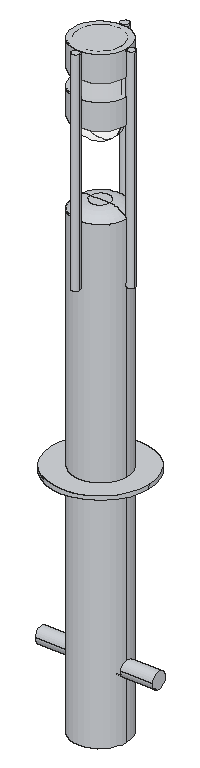
Revit family "Focus Lighting TemaPullerten", category Lighting Fixtures, Revit 2014
Parameters
  Wattage = 150 W
  built-in parameter 1150110 = 1 (stored number, unit not read)
  built-in parameter 1114217 = 2.44 (stored number, unit not read)
  built-in parameter 1150109 = 1 (stored number, unit not read)
  built-in parameter 1150134 = (empty or 0)
  built-in parameter 1150113 = 1 (stored number, unit not read)
  Mast = none
  Lumens = 22281.3 lm
  built-in parameter 1150115 = 1 (stored number, unit not read)
  built-in parameter 1150105 = 1773.1 (stored number, unit not read)
  Light Source Symbol Size = 1500 mm
  built-in parameter 1150137 = (empty or 0)
  built-in parameter 1150139 = (empty or 0)
  built-in parameter 1150112 = 1 (stored number, unit not read)
  built-in parameter 1150114 = 1 (stored number, unit not read)
  built-in parameter 1150132 = (empty or 0)
  built-in parameter 1150102 = (empty or 0)
  built-in parameter 1150138 = (empty or 0)
  built-in parameter 1150107 = 3000 (stored number, unit not read)
  built-in parameter 1150106 = 17.731 (stored number, unit not read)
  Heigth = 1000 mm
  Glass Mat. = TemaPullerten Glass
  Emit from Circle Diameter = 609.6 mm
  Emit Shape Visible in Rendering = no
  built-in parameter 1150104 = 13.8 (stored number, unit not read)
  Dimming Lamp Color Temperature Shift = (empty or 0)
  Color Filter = 16777215
  built-in parameter 1114218 = 1 (stored number, unit not read)
  built-in parameter 1150133 = 10 (stored number, unit not read)
Reference planes
  plane 1 "Light Source Axis (F/B)": y = 0
  plane 2: z = 0
  plane 3 "Light Source Axis (L/R)": x = 0
  plane 4 "Light Source Elevation": z = 1000
  plane 5: z = 1000
  plane 6: x = 40
  plane 7: x = -40
  plane 8: z = 925
  plane 9: z = 880
  plane 10: z = 600
  plane 11: z = -600
  plane 12: z = 990
  plane 13: z = 815
Forms (mm)
  Extrusion 1, solid, material <- "Mast"
    sketch origin (0, 0, 0) x (1, 0, 0) y (0, 1, 0)
      loop
        circle (0, 0) r 125
      loop
        circle (0, 0) r 68
    from 0 to 10
  Extrusion 2, solid, material <- "Mast"
    sketch origin (0, 0, 0) x (1, 0, 0) y (0, 1, 0)
      loop
        circle (0, 0) r 69
    from -600 to 600
  Extrusion 3, solid, material <- "Mast"
    sketch origin (0, 0, 2761.873) x (1, 0, 0) y (0, 1, 0)
      loop
        circle (0, 0) r 69
    from -1836.873 to -1771.873
  Extrusion 4, solid, material <- "Mast"
    sketch origin (0, 0, 100) x (0, 1, 0) y (0, 0, 1)
      loop
        circle (0, -530.24) r 20
    from -150 to 150
  Extrusion 5, solid, material <- "Mast"
    sketch origin (0, 0, 0) x (1, 0, 0) y (0, 1, 0)
      loop
        circle (79, 0) r 10
      loop
        circle (0, -79) r 10
      loop
        circle (0, 79) r 10
    from 450 to 990
  Revolve 6, solid, material "TemaPullerten Glass" <- "Glass Mat."
    sketch origin (0, 0, -315) x (1, 0, 0) y (0, 0, 1)
      loop
        line (0, 1305) -> (0, 1075)
        arc (0, 1075) -> (38.891, 1091.109) -> (55, 1130) r 55
        line (55, 1130) -> (55, 1305) -> (0, 1305)
      axis (0, 1305) -> (0, 1075)
    angle from 0 to 360
  Extrusion 7, solid, material <- "Mast"
    sketch origin (0, 0, 2636.873) x (1, 0, 0) y (0, 1, 0)
      loop
        circle (0, 0) r 69
    from -1821.873 to -1756.873
  Revolve 8, solid
    sketch origin (0, 0, 0) x (1, 0, 0) y (0, 0, 1)
      loop
        line (0, 600) -> (0, 620) -> (-25, 620)
        arc (-25, 620) -> (-49.166, 614.765) -> (-69, 600) r 58.4
        line (-69, 600) -> (0, 600)
      axis (0, 620) -> (0, 600)
    angle from 0 to 360
Dimensions and locks
  "Heigth": plane 5 to plane 2
  locked: plane 5 to plane 12 at 10
  locked: plane 12 to plane 8 at 65
  locked: plane 8 to plane 9 at 45
  locked: plane 9 to plane 13 at 65
  locked: plane 10 to Extrusion 5 at 150
  locked: plane 2 to plane 11 at 600
  locked: plane 10 to plane 2 at 600
  aligned and locked: plane 3 "Light Source Axis (L/R)" to imposter light
  aligned and locked: plane 1 "Light Source Axis (F/B)" to imposter light
  aligned and locked: level to plane 2
  aligned and locked: Extrusion 3 to plane 8
  aligned and locked: plane 9 to Extrusion 7
  aligned and locked: plane 11 to Extrusion 2
  aligned and locked: plane 10 to Extrusion 2
  aligned and locked: plane 12 to Extrusion 3
  aligned and locked: plane 8 to Extrusion 3
  aligned and locked: Extrusion 7 to plane 9
  aligned and locked: Extrusion 7 to plane 13
  aligned and locked: plane 12 to Extrusion 5
  aligned and locked: imposter light to plane 13
  aligned and locked: plane 4 "Light Source Elevation" to plane 5
  aligned and locked: Revolve 8 to plane 10
Automatic sketch dimensions
  Extrusion 1 sketch curve to Extrusion 1 sketch curve = 0 mm  (x2)
  plane 1 "Light Source Axis (F/B)" to Extrusion 1 sketch curve = 0 mm
  Extrusion 1 sketch curve to plane 3 "Light Source Axis (L/R)" = 0 mm
  plane 1 "Light Source Axis (F/B)" to Extrusion 2 sketch curve = 0 mm
  Extrusion 2 sketch curve to plane 3 "Light Source Axis (L/R)" = 0 mm
  plane 1 "Light Source Axis (F/B)" to Extrusion 3 sketch curve = 0 mm
  Extrusion 3 sketch curve to plane 3 "Light Source Axis (L/R)" = 0 mm
  Extrusion 4 sketch curve to plane 1 "Light Source Axis (F/B)" = 0 mm
  Extrusion 4 sketch curve to level = 430.24 mm
  plane 1 "Light Source Axis (F/B)" to Extrusion 7 sketch curve = 0 mm
  Extrusion 7 sketch curve to plane 3 "Light Source Axis (L/R)" = 0 mm
  Revolve 8 sketch curve to plane 10 = 0 mm
  Revolve 8 sketch curve to plane 7 = 15 mm
  Revolve 8 sketch curve to plane 3 "Light Source Axis (L/R)" = 0 mm  (x2)
  plane 7 to Revolve 8 sketch curve = 29 mm
  Revolve 8 sketch curve to plane 10 = 38.4 mm
  Revolve 8 sketch curve to Revolve 8 sketch curve = 11.6 mm
  Revolve 8 sketch curve to Revolve 8 sketch curve = 35 mm
  Revolve 6 sketch curve to plane 3 "Light Source Axis (L/R)" = 0 mm  (x2)
  Revolve 6 sketch curve to plane 12 = 0 mm
  Revolve 6 sketch curve to plane 13 = 0 mm
  plane 6 to Revolve 6 sketch curve = 15 mm
  Revolve 6 sketch curve to Revolve 6 sketch curve = 55 mm
  Revolve 6 sketch curve to plane 4 "Light Source Elevation" = 35 mm
  Extrusion 5 sketch curve to plane 3 "Light Source Axis (L/R)" = 0 mm  (x2)
  plane 1 "Light Source Axis (F/B)" to Extrusion 5 sketch curve = 0 mm
  plane 6 to Extrusion 5 sketch curve = 39 mm
  plane 1 "Light Source Axis (F/B)" to Extrusion 5 sketch curve = 79 mm
  Extrusion 5 sketch curve to plane 1 "Light Source Axis (F/B)" = 79 mm
  radius of Extrusion 1 sketch curve = 125 mm
  radius of Extrusion 1 sketch curve = 68 mm
  radius of Extrusion 2 sketch curve = 69 mm
  radius of Extrusion 3 sketch curve = 69 mm
  radius of Extrusion 4 sketch curve = 20 mm
  radius of Extrusion 7 sketch curve = 69 mm
  radius of Extrusion 5 sketch curve = 10 mm  (x3)
